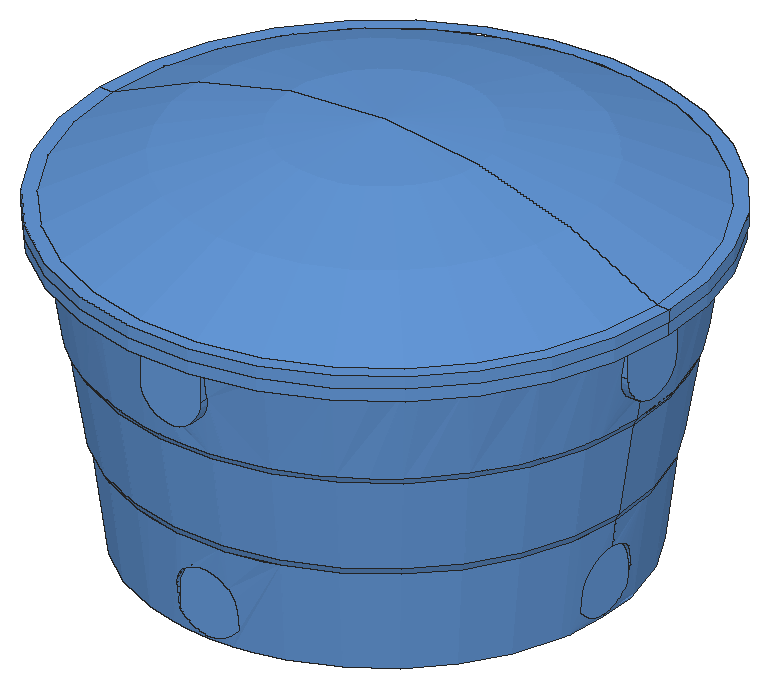
Revit family "Cxa_Agua_0300", category Plumbing Fixtures, Revit 2025
Family settings
  Round Connector Dimension = Use Diameter
  Part Type = Normal
  OmniClass Number = 23.27.29.19.11
  Work Plane-Based = No
  Enable Cutting in Views = No
  Always vertical = Yes
  Cut with Voids When Loaded = No
  Maintain Annotation Orientation = No
  Shared = No
  Room Calculation Point = No
Parameters (values of type "CxAgua_0310")
  Type IFC Predefined Type = "CONNECTOR"
  Material_Caixa = CT_PVC_Azul
  Export Type to IFC As = "IfcPipeFitting"
  Default Elevation = 0.00 mm
  URL = "http://amancowavin.com.br/"
  Amanco_Vida_Util = 50
  Amanco_Norma = "NBR 14.799 / NBR 14.800 / NBR 5626"
  Amanco_Código_Catálogo = "19210"
  Amanco_Capacidade = 310.00 mm
  Keynote = "15400"
  Type Comments = "Agua Fria Caixas d'Água"
  Model = ""
  Manufacturer = "Amanco Wavin"
  Description = "Caixa d'Água de Boca Aberta de 310 Litros"
  Assembly Code = "D2020300"
Reference planes
  plane 1 "Center (Front/Back)": y = 0
  plane 2 "Base": z = 0
  plane 3 "Center (Left/Right)": x = -77.842
  plane 4: z = 453.25
  plane 5: z = 68.25
  plane 6 "Topo": z = 688.25
Forms (mm)
  Revolve 1, solid, material "CT_PVC_Azul" <- "Material_Caixa"
    sketch origin (0, 0, 0) x (-1, 0, 0) y (0, 0, 1)
      loop
        line (77.842, 535) -> (77.842, 0) -> (484.342, 0) -> (507.283, 170) -> (514.789, 183) -> (541.062, 340) -> (548.567, 353) -> (575.342, 513) -> (605.842, 513) -> (605.842, 535) -> (77.842, 535)
      axis (77.842, 0) -> (77.842, 535)
    angle from 0 to 360
  Revolve 2, solid, material "CT_PVC_Azul" <- "Material_Caixa"
    sketch origin (0, 0, 0) x (-1, 0, 0) y (0, 0, 1)
      loop
        arc (583.842, 555.5) -> (339.324, 654.047) -> (77.842, 687.622) r 1035
        line (77.842, 687.622) -> (77.842, 535) -> (607.842, 535) -> (607.842, 555.5) -> (583.842, 555.5)
      axis (77.842, 535) -> (77.842, 687.622)
    angle from 0 to 360
  Revolve 3, solid, material "CT_PVC_Azul" <- "Material_Caixa"
    sketch origin (0, 0, 0) x (-1, 0, 0) y (0, 0, 1)
      loop
        line (77.842, 685.622) -> (77.842, 555.5) -> (583.842, 555.5) -> (77.842, 685.622)
      axis (77.842, 555.5) -> (77.842, 685.622)
    angle from 0 to 360
  Extrusion 4, solid, material "CT_PVC_Azul" <- "Material_Caixa"
    sketch origin (0, 0, 0) x (-1, 0, 0) y (0, 0, 1)
      loop
        line (134.092, 453.25) -> (134.092, 513) -> (21.592, 513) -> (21.592, 453.25)
        arc (21.592, 453.25) -> (77.842, 397) -> (134.092, 453.25) r 56.25
    from -497.5 to 497.5
  Extrusion 5, solid, material "CT_PVC_Azul" <- "Material_Caixa"
    sketch origin (-77.842, 0, 0) x (0, -1, 0) y (0, 0, 1)
      loop
        arc (-56.25, 453.25) -> (0, 397) -> (56.25, 453.25) r 56.25
        line (56.25, 453.25) -> (56.25, 513) -> (-56.25, 513) -> (-56.25, 453.25)
    from -497.5 to 497.5
  Extrusion 6, void
    sketch origin (0, 0, 0) x (-1, 0, 0) y (0, 0, 1)
      loop
        arc (134.092, 68.25) -> (77.842, 124.5) -> (21.592, 68.25) r 56.25
        line (21.592, 68.25) -> (21.592, 0) -> (134.092, 0) -> (134.092, 68.25)
    from 407 to 497.5
  Extrusion 7, void
    sketch origin (0, 0, 0) x (-1, 0, 0) y (0, 0, -1)
      loop
        line (134.092, -68.25) -> (134.092, 0) -> (21.592, 0) -> (21.592, -68.25)
        arc (21.592, -68.25) -> (77.842, -124.5) -> (134.092, -68.25) r 56.25
    from 407 to 497.5
  Extrusion 8, void
    sketch origin (-77.842, 0, 0) x (0, -1, 0) y (0, 0, 1)
      loop
        arc (56.25, 68.25) -> (0, 124.5) -> (-56.25, 68.25) r 56.25
        line (-56.25, 68.25) -> (-56.25, 0) -> (56.25, 0) -> (56.25, 68.25)
    from 407 to 497.5
  Extrusion 9, void
    sketch origin (-77.842, 0, 0) x (0, -1, 0) y (0, 0, -1)
      loop
        line (56.25, -68.25) -> (56.25, 0) -> (-56.25, 0) -> (-56.25, -68.25)
        arc (-56.25, -68.25) -> (0, -124.5) -> (56.25, -68.25) r 56.25
    from 407 to 497.5
Cuts and joins
  joined: Revolve 2, Revolve 3
  Extrusion 6, Extrusion 7, Extrusion 8, Extrusion 9 cuts Revolve 1
  joined: Revolve 1, Extrusion 4, Extrusion 5
Text (mm)
  text "®  Wavin" at (-0.074, 40.744, 0), in view "Ref. Level"
Dimensions and locks
  Revolve 1 sketch curve to plane 3 "Center (Left/Right)" = 528.00 mm
  Revolve 1 sketch curve to plane 3 "Center (Left/Right)" = 497.50 mm
  Revolve 2 sketch curve to plane 3 "Center (Left/Right)" = 530.00 mm
  Revolve 2 sketch curve to plane 3 "Center (Left/Right)" = 506.00 mm
  Revolve 3 sketch curve to plane 3 "Center (Left/Right)" = 506.00 mm
  equal spacing: Extrusion 5 sketch curve, plane 1 "Center (Front/Back)", Extrusion 5 sketch curve
  Extrusion 5 sketch curve to Extrusion 5 sketch curve = 112.50 mm
  equal spacing: Extrusion 4 sketch curve, plane 3 "Center (Left/Right)", Extrusion 4 sketch curve
  Extrusion 4 sketch curve to Extrusion 4 sketch curve = 112.50 mm
  equal spacing: Extrusion 6 sketch curve, plane 3 "Center (Left/Right)", Extrusion 6 sketch curve
  Extrusion 6 sketch curve to Extrusion 6 sketch curve = 112.50 mm
  Extrusion 6 sketch curve to cut or joined group of Revolve 1, Extrusion 4, Extrusion 5, Extrusion 6, Extrusion 7, Extrusion 8, Extrusion 9 = 124.50 mm
  Extrusion 7 sketch curve to Extrusion 7 sketch curve = 112.50 mm  (x2)
  Extrusion 6 to Extrusion 7 sketch curve = 124.50 mm
  Revolve 1 sketch curve to plane 3 "Center (Left/Right)" = 406.50 mm
  equal spacing: Extrusion 8 sketch curve, plane 1 "Center (Front/Back)", Extrusion 8 sketch curve
  Extrusion 8 sketch curve to Extrusion 8 sketch curve = 112.50 mm
  Extrusion 8 sketch curve to level = 124.50 mm
  Extrusion 9 sketch curve to Extrusion 9 sketch curve = 112.50 mm  (x2)
  Extrusion 9 sketch curve to level = 124.50 mm
  radius of Revolve 2 sketch curve = 1035.00 mm
  angle plane 3 "Center (Left/Right)" to Revolve 1 sketch curve = 9.50°  (x2)
  angle plane 3 "Center (Left/Right)" to Revolve 1 sketch curve = 30.00°  (x2)
  aligned and locked: plane 2 "Base" to level
